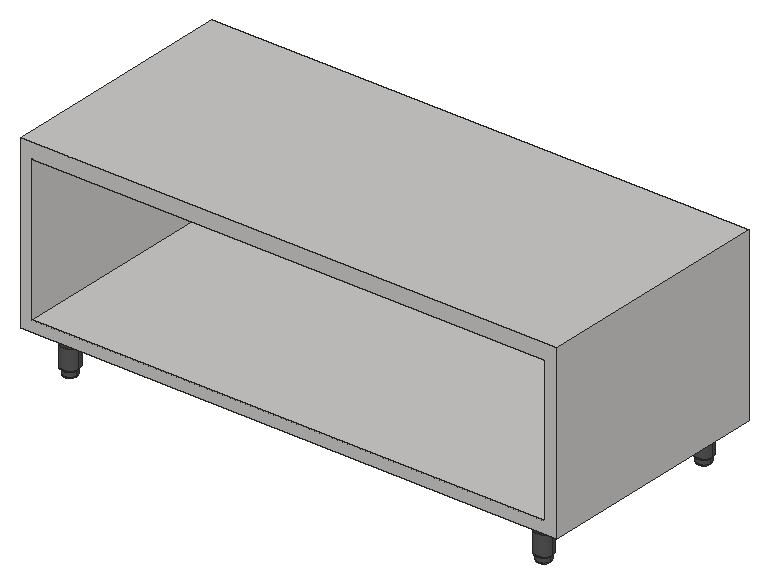
Revit family "QF_CAPIC_CELTIC_W383027", category Equipement spécialisé, Revit 2018
Family settings
  Cote de connecteur circulaire = Utiliser le diamètre
  Type d'élément = Normal
  Numéro OmniClass = 23.40.40.14
  Titre OmniClass = Food Service Equipment
  Basée sur le plan de construction = Non
  Toujours verticalement = Oui
  Couper avec des vides une fois chargée = Non
  Partagée = Non
  Point de calcul de pièce = Non
Parameters (values of type "L=1600mm")
  URL catalogue = "http://www.capic-fr.com/fr/"
  Type de Raccord Plomberie [instance] = ""
  Type de Raccord Electrique [instance] = ""
  Type de Gaz = ""
  Type article [instance] = ""
  Tension = 0 V
  Spécification du Fabricant = ""
  Show Logo = yes
  Remarques evacuation [instance] = ""
  Remarques Plomberie [instance] = ""
  Remarques Electricité [instance] = ""
  Puissance électrique  = 0 W
  Puissance Gaz kW = 0
  Profondeur hors tout = 716 mm
  Pression Maximum Eau Adoucie = 0.0 Pa
  Poids net à vide = 100.00 kg
  Phase = 0
  Modèle = "W383027"
  Longueur hors tout = 1600 mm
  Intensité nominale = 0 A
  Hauteur hors tout = 630 mm
  Hauteur de Raccordement du Sol Finis = 0 mm
  Hauteur de Raccordement Gaz du Sol Finis = 0 mm
  Hauteur de Raccordement Evacuation Directe du Sol Finis = 0 mm
  Hauteur de Raccordement Eau Froide du Sol Finis = 0 mm
  Hauteur de Raccordement Eau Chaude du Sol Finis = 0 mm
  Hauteur de Raccordement Eau Adoucie du Sol Finis = 0 mm
  Fréquence = 0 Hz
  Fabricant = "CAPIC"
  Débit d'air d'extraction = 0.0 m³/h
  Débit Gaz = 0.0 L/s
  Débit Eau Froide = 0.0 L/s
  Débit Eau Chaude = 0.0 L/s
  Débit Eau Adoucie = 0.0 L/s
  Diamètre de Raccordement Gaz = 0 mm
  Diamètre de Raccordement Evacuation = 0 mm
  Diamètre de Raccordement Eau Froide = 0 mm
  Diamètre de Raccordement Eau Chaude = 0 mm
  Diamètre de Raccordement Eau Adoucie = 0 mm
  Description = "Placard Ouvert"
  Assembly Code = ""
  Classification  Omniclass nombre et titre = "23.40.40.14"
Reference planes
  plane 1 "Centre (avant/arrière)": y = 0
  plane 2: z = 0
  plane 3 "Centre (gauche/droite)": x = 0
  plane 4 "Centre G/E": y = 0
  plane 5: y = -838
  plane 6: x = 1600
  plane 7: x = 1598
  plane 8: x = 2
  plane 9: x = 1565
  plane 10: x = 1557
  plane 11: y = -820
  plane 12: z = 141
  plane 13: x = 43
  plane 14: x = 35
  plane 15: y = -182
  plane 16: z = 621
  plane 17: z = 120
  plane 18: y = -122
  plane 19 "Centre G/G": y = -89
Forms (mm)
  Extrusion 1, solid, material "QF_Stainless Steel-Brushed"
    sketch origin (1480, 0, 0) x (1, 0, 0) y (0, 0, 1)
      loop
        line (-1480, 630) -> (-1480, 120) -> (120, 120) -> (120, 630) -> (-1480, 630)
    from 838 to 122
  Extrusion 2, void
    sketch origin (1480, 0, 0) x (1, 0, 0) y (0, 0, 1)
      loop
        line (-1445, 155.456) -> (85, 155.456) -> (85, 585.456) -> (-1445, 585.456) -> (-1445, 155.456)
    from 838 to 182
  Extrusion 3, void
    sketch origin (1480, 0, 0) x (1, 0, 0) y (0, 1, 0)
      loop
        line (-1445, -131.5) -> (-1445, -820) -> (85, -820) -> (85, -131.5) -> (-1445, -131.5)
    from 120 to 141
Cuts and joins
  Extrusion 2, Extrusion 3 cuts Extrusion 1
Dimensions and locks
  locked: plane 9 to plane 6 at 35
  "Profondeur hors tout": plane 5 to plane 18
  locked: plane 7 to plane 6 at 2
  locked: plane 3 "Centre (gauche/droite)" to plane 8 at 2
  "Longueur hors tout": plane 3 "Centre (gauche/droite)" to plane 6
  locked: plane 3 "Centre (gauche/droite)" to plane 14 at 35
  locked: plane 11 to plane 5 at 18
  locked: plane 15 to plane 5 at 656
  plane 12 to plane 17 to plane 2 = 21 mm locked, 120 mm locked
  locked: plane 10 to plane 6 at 43
  aligned and locked: level to plane 2
  aligned and locked: Extrusion 1 to Extrusion 2
  aligned and locked: cut or joined group of Extrusion 1, Extrusion 2, Extrusion 3 to plane 5
  aligned and locked: nested 1 to plane 12
  aligned and locked: nested 2 to plane 12
  aligned and locked: nested 2 to plane 11
  aligned and locked: nested 2 to plane 13
  aligned and locked: nested 1 to plane 13
  aligned and locked: nested 3 to plane 10
  aligned and locked: nested 4 to plane 10
  aligned and locked: plane 11 to nested 4
  aligned and locked: Extrusion 3 to plane 11
  aligned and locked: plane 15 to cut or joined group of Extrusion 1, Extrusion 2, Extrusion 3
  aligned and locked: cut or joined group of Extrusion 1, Extrusion 2, Extrusion 3 to plane 18
Automatic sketch dimensions
  Extrusion 1 sketch curve to plane 3 "Centre (gauche/droite)" = 0 mm
  Extrusion 1 sketch curve to plane 6 = 0 mm
  level to Extrusion 1 sketch curve = 120 mm
  Extrusion 1 sketch curve to Extrusion 1 sketch curve = 510 mm
  Extrusion 2 sketch curve to plane 9 = 0 mm
  level to Extrusion 2 sketch curve = 155.456 mm
  Extrusion 2 sketch curve to Extrusion 2 sketch curve = 430 mm
  Extrusion 3 sketch curve to plane 9 = 0 mm
  plane 1 "Centre (avant/arrière)" to Extrusion 3 sketch curve = 131.5 mm
  Extrusion 2 sketch curve to plane 8 = 33 mm
  Extrusion 3 sketch curve to plane 8 = 33 mm
  Extrusion 3 sketch curve to plane 11 = 0 mm
Nested families
  nested 1: "QF_Details_Pied" at (93, -223, 0), type "QF_Details_Pied"
  nested 2: "QF_Details_Pied" at (93, -820, 0), type "QF_Details_Pied"
  nested 3: "QF_Details_Pied" at (1507, -223, 0), type "QF_Details_Pied"
  nested 4: "QF_Details_Pied" at (1507, -820, 0), type "QF_Details_Pied"
Definition of nested family "QF_Details_Pied"
  Reference planes
    plane 1 "Centre (avant/arrière)": y = 0
    plane 2: z = 0
    plane 3 "Centre (gauche/droite)": x = 0
  Forms (mm)
    Extrusion 1, solid
      sketch origin (-137.492, 51.5, -340.756) x (1, 0, 0) y (0, 0, 1)
        loop
          line (87.492, 481.756) -> (87.492, 472.756) -> (187.492, 472.756) -> (187.492, 481.756) -> (87.492, 481.756)
      from -40 to 40
    Revolve 2, solid
      sketch origin (0, 51.5, -9) x (1, 0, 0) y (0, 0, 1)
        loop
          line (0, 141) -> (0, 9) -> (19.21, 9) -> (19.21, 13) -> (20.21, 13) -> (20.21, 26) -> (21.71, 26) -> (26.66, 30.95) -> (26.66, 90.95) -> (31.468, 136.698) -> (36.246, 141) -> (0, 141)
        axis (0, 141) -> (0, 9)
      angle from 0 to 360
  Dimensions and locks
    aligned and locked: level to plane 2
    aligned and locked: Extrusion 1 to Revolve 2 sketch curve
